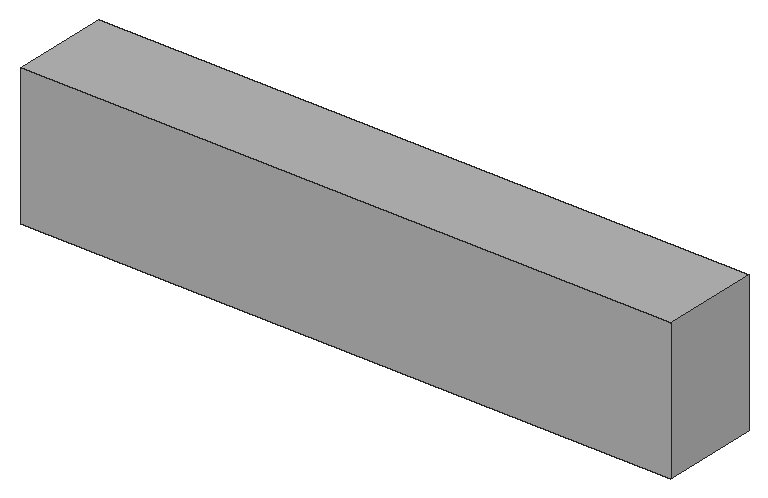
Revit family "150W x 215H R.C. Beam", category Generic Models, Revit 2020
Family settings
  Can host rebar = No
  Round Connector Dimension = Use Diameter
  Part Type = Normal
  Work Plane-Based = No
  Always vertical = Yes
  Cut with Voids When Loaded = No
  Shared = No
  Room Calculation Point = No
Parameters
  Weight = "78Kg/m"
  Warranty Guarantor Parts = "n/a"
  Warranty Guarantor Labour = "n/a"
  Warranty Duration Unit = "n/a"
  Warranty Duration Parts = "n/a"
  Warranty Duration Labour = "n/a"
  Warranty Description = "n/a"
  URL = "www.killeshal.com"
  Types = "Single"
  Type Comments = "Visit our website for a full list of available products."
  Sustainability Performance = "n/a"
  Structural Class = "n/a"
  Span = "Beam Length"
  Slope = "0.00°"
  Size = "150mm x 215mm"
  Shape = "Rectangular"
  Service Life = "0.000000"
  Serial Number = "n/a"
  Resistance to Fire = "Method 3. Design specification."
  Replacement Cost = "n/a"
  Reference = "n/a"
  Notified Body = "National Standards Authority of Ireland (NSAI)."
  Nominal Cover to Main Bar = "40mm"
  Model = "L/457 Concrete Beam"
  Mechanical Resistance = "Method 3. Design specification."
  Manufacturer = "Killeshal Precast Concrete Ltd."
  Load Bearing = yes
  Life Cycle Environmental Load = "n/a"
  Length Options = "All sizes available on request."
  Keynote = "The information contained is the sole property of KPC Ltd., any reproduction in part or whole without permission of KPC Ltd. is prohibited."
  Environmental Product Declaration = "n/a"
  Environmental Class = "n/a"
  Durability against Corrosion = "Design specification and critical dimensions as per product drawings."
  Dimension Accuracy Class = "I.S. EN 13225:2013"
  Detailing = "As per design specification and product drawings."
  Description = "150W x 215H R.C. Beam"
  Default Elevation = 0 mm
  Dangerous Substances = "No Exposure."
  Contact Tel = "0035357 9353018"
  Contact Email = "sales@killeshal.com"
  Construction Type = "Precast"
  Construction Tolerance Class = "I.S. EN 13225:2013"
  Compressive Strength of Concrete = "40N/mm²"
  Characteristics of Reinforcing Steel = "Ultimate Tensile Strength (UTS) 650Mpa. Tensile Yield Strength: 500Mpa."
  Characteristics Deflection Under Load = "Dependant on Length."
  Beam Width [instance] = 150 mm
  Beam Length [instance] = 1000 mm
  Beam Height [instance] = 215 mm
Reference planes
  plane 1 "Center (Front/Back)": y = 0
  plane 2: z = 0
  plane 3 "Center (Left/Right)": x = 0
  plane 4 "Rear": y = 75
  plane 5 "Front": y = -75
  plane 6 "Top": z = 215
Forms (mm)
  Extrusion 1, solid, material "Precast Concrete (KPC)"
    sketch origin (0, 0, 0) x (0, 1, 0) y (0, 0, 1)
      loop
        line (75, 0) -> (75, 215) -> (-75, 215) -> (-75, 0) -> (75, 0)
    from 0 to 1000
Dimensions and locks
  "Beam Width": Extrusion 1 to Extrusion 1
  "Beam Height": Extrusion 1 to Extrusion 1
  "Beam Length": Extrusion 1 to Extrusion 1
  aligned and locked: level to plane 2
Automatic sketch dimensions
  Extrusion 1 sketch curve to level = 0 mm
  Extrusion 1 sketch curve to plane 5 "Front" = 0 mm
  Extrusion 1 sketch curve to plane 4 "Rear" = 0 mm
  Extrusion 1 sketch curve to plane 6 "Top" = 0 mm
